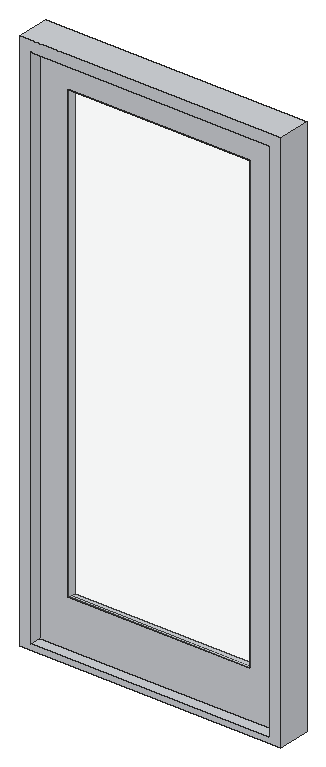
Revit family "ECCHO External Door", category Doors, host Wall, Revit 2018
Family settings
  Host = Wall
  OmniClass Number = 23.30.10.00
  OmniClass Title = Doors
  Always vertical = Yes
  Cut with Voids When Loaded = No
  Shared = No
  Room Calculation Point = No
Parameters
  Rail Width Top [instance] = 110 mm
  Swing Outward Right [instance] = if(or(not(Swing Outward), not(Door Opening Symbol Right Hung)), 1 = 2, 1 = 1)  # no
  Swing Outward Left [instance] = if(or(not(Swing Outward), not(Door Opening Symbol Left Hung)), 1 = 2, 1 = 1)  # no
  Swing Outward [instance] = no
  Swing Inward Right [instance] = if(or(not(Swing Inward), not(Door Opening Symbol Right Hung)), 1 = 2, 1 = 1)  # no
  Swing Inward Left [instance] = if(or(not(Swing Inward), not(Door Opening Symbol Left Hung)), 1 = 2, 1 = 1)  # yes
  Swing Inward [instance] = not(Swing Outward)  # yes
  Stile Width Right [instance] = 110 mm
  Solid Door Leaf [instance] = no
  Not Solid Door Leaf [instance] = not(Solid Door Leaf)  # yes
  Stile Width Left [instance] = 110 mm
  Glass Setback [instance] = 120 mm
  ECCHO Winter Sun Admitted [instance] = 80
  ECCHO Summer Sun Admitted [instance] = 90
  ECCHO Shade Height [instance] = 1000 mm
  ECCHO Shade Depth [instance] = 1000 mm
  ECCHO Glazing Type [instance] = ""
  ECCHO Frame Type [instance] = ""
  ECCHO Family Object Version = "1.0 - February 2024"
  ECCHO Description [instance] = ""
  Door Opening Symbol Right Hung [instance] = no
  Rail Width Top Constraint [instance] = if(Rail Width Top < 1 mm, 5 mm, Rail Width Top)  # 110 mm
  Frame Width Top Constraint [instance] = if(Frame Width Top < 1 mm, 10 mm, Frame Width Top)  # 40 mm
  Door Leaf Symbol Extent Right [instance] = Width - (Frame Width Left Constraint + Frame Width Right Constraint)  # 920 mm
  Door Leaf Symbol Extent Left [instance] = Width - (Frame Width Left Constraint + Frame Width Right Constraint)  # 920 mm
  Door Leaf Setback [instance] = 100 mm
  Door Opening Symbol Left Hung [instance] = yes
  Door Leaf Material [instance] = none
  Door Leaf Thickness [instance] = 30 mm
  Stile Width Right Constraint [instance] = if(Stile Width Right < 1 mm, 5 mm, Stile Width Right)  # 110 mm
  Frame Width Right Constraint [instance] = if(Frame Width Right < 1 mm, 10 mm, Frame Width Right)  # 40 mm
  Stile Width Left Constraint [instance] = if(Stile Width Left < 1 mm, 5 mm, Stile Width Left)  # 110 mm
  Frame Width Left Constraint [instance] = if(Frame Width Left < 1 mm, 10 mm, Frame Width Left)  # 40 mm
  Height [instance] = 2100 mm
  Glass Thickness [instance] = 14.974 mm
  Glass Setback Constraint [instance] = if(Glass Setback < Door Leaf Setback, Door Leaf Setback, if(Glass Setback > Door Leaf Setback + Door Leaf Thickness, Door Leaf Setback + Door Leaf Thickness - Glass Thickness, Glass Setback))  # 120 mm
  Glass Material [instance] = Glass
  Frame Setback [instance] = 50 mm
  Frame Material [instance] = none
  Frame Depth [instance] = 125 mm
  Frame Width Top [instance] = 40 mm
  Frame Width Right [instance] = 40 mm
  Frame Width Left [instance] = 40 mm
  Frame Width Bottom [instance] = 20 mm
  Default Sill Height = 0 mm
  Wall Closure = By host
  Width [instance] = 1000 mm
  Rail Width Bottom Constraint [instance] = if(Rail Width Bottom < 1 mm, 5 mm, Rail Width Bottom)  # 180 mm
  Rail Width Bottom [instance] = 180 mm
  Frame Width Bottom Constraint [instance] = if(Frame Width Bottom < 1 mm, 10 mm, Frame Width Bottom)  # 20 mm
  Shading Guides and Labels Visible [instance] = yes
  Analytic Construction = "<None>"
Reference planes
  plane 1 "Center (Front/Back)": y = 0
  plane 2 "Center (Left/Right)": x = 0
  plane 3 "Left": x = -500
  plane 4 "Right": x = 500
  plane 5 "Sill": z = 0
  plane 6 "Head": z = 2100
  plane 7 "Exterior": y = 100
  plane 8 "Interior": y = -100
  plane 9 "Left Frame Overall": x = -350
  plane 10 "Right Frame Overall": x = 350
  plane 11 "Top Frame Overall": z = 1950
  plane 12 "Bottom Frame Overall": z = 200
  plane 13 "Frame Setback": y = 50
  plane 14 "Frame Depth": y = -75
  plane 15 "Glass Setback": y = -20
  plane 16 "Left Stile": x = -460
  plane 17 "Right Stile": x = 460
  plane 18 "Top Sash": z = 2060
  plane 19 "Bottom Sash": z = 20
  plane 20 "Door Leaf Setback": y = 0
  plane 21 "Door Leaf Depth": y = -30
  plane 22 "Glass Thickness": y = -34.974
  plane 23 "Right Frame to Wall Opening": x = 500
  plane 24 "Left Frame to Wall Opening": x = -500
  plane 25 "Top Frame to Wall Opening": z = 2100
  plane 26 "Bottom Frame to Wall Opening": z = 0
  plane 27 "Distance to Overhang": y = 980
  plane 28 "Height of Overhang": z = 2950
  plane 29 "Center (Top/Bottom)": z = 1050
  plane 30 "Door Leaf Symbol Extent Left - Exterior": y = 920
  plane 31 "Door Leaf Symbol Left": x = -430
  plane 32 "Door Leaf Symbol Right": x = 430
  plane 33 "Door Leaf Symbol Extent Right - Exterior": y = 920
  plane 34 "Door Leaf Symbol Extent Left - Interior": y = -950
  plane 35 "Door Leaf Symbol Extent Right - Interior": y = -950
Forms (mm)
  Extrusion 1, solid, material <- "Frame Material", visible <- "Not Solid Door Leaf"
    sketch origin (0, 0, 0) x (1, 0, 0) y (0, 1, 0)
      loop
        line (-350, 0) -> (-460, 0) -> (-460, -30) -> (-350, -30) -> (-350, 0)
    from 20 to 2060
  Extrusion 2, solid, material <- "Frame Material", visible <- "Not Solid Door Leaf"
    sketch origin (260, 0, 0) x (1, 0, 0) y (0, 1, 0)
      loop
        line (200, 0) -> (90, 0) -> (90, -30) -> (200, -30) -> (200, 0)
    from 20 to 2060
  Extrusion 3, solid, material <- "Frame Material", visible <- "Not Solid Door Leaf"
    sketch origin (-500, 0, 0) x (0, -1, 0) y (0, 0, 1)
      loop
        line (0, 2060) -> (0, 1950) -> (30, 1950) -> (30, 2060) -> (0, 2060)
    from -960 to -40
  Extrusion 4, solid, material <- "Frame Material", visible <- "Not Solid Door Leaf"
    sketch origin (-500, 0, -1160) x (0, -1, 0) y (0, 0, 1)
      loop
        line (0, 1360) -> (0, 1180) -> (30, 1180) -> (30, 1360) -> (0, 1360)
    from -960 to -40
  Extrusion 5, solid, material "Glass" <- "Glass Material", visible <- "Not Solid Door Leaf"
    sketch origin (0, 100, 0) x (1, 0, 0) y (0, 0, 1)
      loop
        line (350, 1950) -> (-350, 1950) -> (-350, 200) -> (350, 200) -> (350, 1950)
    from 120 to 134.974
  Extrusion 6, solid, material <- "Frame Material"
    sketch origin (0, 0, 0) x (1, 0, 0) y (0, 1, 0)
      loop
        line (-500, 50) -> (-500, -75) -> (-460, -75) -> (-460, 50) -> (-500, 50)
    from 0 to 2100
  Extrusion 7, solid, material <- "Frame Material"
    sketch origin (240, 0, 0) x (1, 0, 0) y (0, 1, 0)
      loop
        line (220, 50) -> (220, -75) -> (260, -75) -> (260, 50) -> (220, 50)
    from 0 to 2100
  Extrusion 8, solid, material <- "Frame Material"
    sketch origin (-500, 0, 0) x (0, -1, 0) y (0, 0, 1)
      loop
        line (-50, 2100) -> (-50, 2060) -> (75, 2060) -> (75, 2100) -> (-50, 2100)
    from -1000 to 0
  Extrusion 9, solid, material <- "Frame Material"
    sketch origin (-500, 0, 0) x (0, -1, 0) y (0, 0, 1)
      loop
        line (-50, 20) -> (-50, 0) -> (75, 0) -> (75, 20) -> (-50, 20)
    from -1000 to 0
  Extrusion 10, solid, material <- "Door Leaf Material", visible <- "Solid Door Leaf"
    sketch origin (0, 100, 0) x (1, 0, 0) y (0, 0, 1)
      loop
        line (460, 2060) -> (-460, 2060) -> (-460, 20) -> (460, 20) -> (460, 2060)
    from 100 to 130
Cuts and joins
  joined: Extrusion 6, Extrusion 7, Extrusion 8, Extrusion 9
  joined: Extrusion 1, Extrusion 2, Extrusion 3, Extrusion 4
Lines and regions (mm)
  Opening 1
    outline origin (3500, -100, 0) x (1, 0, 0) y (0, 0, 1)
      loop
        line (-3000, 0) -> (-3000, 2100) -> (-4000, 2100) -> (-4000, 0) -> (-3000, 0)
  Masking region 1, visible <- "Swing Outward Left"
    outline origin (0, 0, 0) x (1, 0, 0) y (0, 1, 0)
      loop
        line (-460, 920) -> (-460, 0) -> (-430, 0) -> (-430, 920) -> (-460, 920)
  Masking region 2, visible <- "Swing Outward Right"
    outline origin (885, 0, 0) x (1, 0, 0) y (0, 1, 0)
      loop
        line (-455, 920) -> (-455, 0) -> (-425, 0) -> (-425, 920) -> (-455, 920)
  Masking region 3, visible <- "Swing Inward Left"
    outline origin (0, -960, 0) x (1, 0, 0) y (0, 1, 0)
      loop
        line (-460, 930) -> (-460, 10) -> (-430, 10) -> (-430, 930) -> (-460, 930)
  Masking region 4, visible <- "Swing Inward Right"
    outline origin (885, -960, 0) x (1, 0, 0) y (0, 1, 0)
      loop
        line (-455, 930) -> (-455, 10) -> (-425, 10) -> (-425, 930) -> (-455, 930)
  symbolic lines, visible <- "Shading Guides and Labels Visible"
    curve 1: line (-500, 1080, 2950) -> (-500, -20, 2950)
    curve 2: line (-500, 980, 2850) -> (-500, 980, 3450)
    curve 3: line (-500, 980, 0) -> (500, 980, 0)
    curve 4: line (500, 100, 2950) -> (-500, 100, 2950)
  symbolic lines, visible <- "Door Opening Symbol Right Hung"
    curve 5: line (460, 100, 2060) -> (-460, 100, 1050)
    curve 6: line (460, 100, 20) -> (-460, 100, 1050)
  symbolic lines, visible <- "Door Opening Symbol Left Hung"
    curve 7: line (-460, 100, 2060) -> (460, 100, 1050)
    curve 8: line (-460, 100, 20) -> (460, 100, 1050)
  symbolic lines, style "DoorsPanelProjection", visible <- "Swing Outward Left"
    curve 9: arc (460, 0, 0) -> (201.23, 640.157, 0) -> (-430, 920, 0) r 920
  symbolic lines, style "DoorsPanelProjection", visible <- "Swing Outward Right"
    curve 10: arc (430, 920, 0) -> (-201.23, 640.157, 0) -> (-460, 0, 0) r 920
  symbolic lines, style "DoorsPanelProjection", visible <- "Swing Inward Left"
    curve 11: arc (-430, -950, 0) -> (201.23, -670.157, 0) -> (460, -30, 0) r 920
  symbolic lines, style "DoorsPanelProjection", visible <- "Swing Inward Right"
    curve 12: arc (-460, -30, 0) -> (-201.23, -670.157, 0) -> (430, -950, 0) r 920
Text (mm)
  text "EXTERIOR" at (-1963.203, 1332.353, 0), in view "Ref. Level"
  text "INTERIOR" at (-1981.466, -818.386, 0), in view "Ref. Level"
  text "Exterior" at (0, 923.751, 2943.296), in view "Right"
  text "Exterior" at (0, 1040.484, 2685.409), in view "Left"
Dimensions and locks
  equal spacing: plane 3 "Left", plane 2 "Center (Left/Right)", plane 4 "Right"
  "Width": plane 3 "Left" to plane 4 "Right"
  "Height": plane 5 "Sill" to plane 6 "Head"
  "Default Sill Height": plane 5 "Sill" to level
  locked: plane 7 "Exterior" to host wall at 0
  locked: plane 8 "Interior" to host wall
  "Frame Width Left Constraint": plane 24 "Left Frame to Wall Opening" to plane 16 "Left Stile"
  "Frame Width Right Constraint": plane 17 "Right Stile" to plane 23 "Right Frame to Wall Opening"
  "Frame Width Bottom Constraint": plane 26 "Bottom Frame to Wall Opening" to plane 19 "Bottom Sash"
  "Glass Setback Constraint": plane 15 "Glass Setback" to plane 7 "Exterior"
  "Frame Setback": plane 13 "Frame Setback" to plane 7 "Exterior"
  "Frame Depth": plane 13 "Frame Setback" to plane 14 "Frame Depth"
  "Rail Width Bottom Constraint": plane 19 "Bottom Sash" to plane 12 "Bottom Frame Overall"
  "Rail Width Top Constraint": plane 11 "Top Frame Overall" to plane 18 "Top Sash"
  "Stile Width Right Constraint": plane 10 "Right Frame Overall" to plane 17 "Right Stile"
  "Stile Width Left Constraint": plane 16 "Left Stile" to plane 9 "Left Frame Overall"
  "Door Leaf Setback": plane 20 "Door Leaf Setback" to plane 7 "Exterior"
  "Door Leaf Thickness": plane 20 "Door Leaf Setback" to plane 21 "Door Leaf Depth"
  "Glass Thickness": plane 15 "Glass Setback" to plane 22 "Glass Thickness"
  "Frame Width Top Constraint": plane 18 "Top Sash" to plane 25 "Top Frame to Wall Opening"
  "ECCHO Shade Depth": plane 27 "Distance to Overhang" to plane 15 "Glass Setback"
  "ECCHO Shade Height": plane 11 "Top Frame Overall" to plane 28 "Height of Overhang"
  curve 1 to plane 27 "Distance to Overhang" to nested 3 = 100 mm locked, 150 mm locked
  equal spacing: plane 5 "Sill", plane 29 "Center (Top/Bottom)", plane 6 "Head"
  locked: curve 2 to plane 28 "Height of Overhang" at 500
  locked: plane 28 "Height of Overhang" to curve 2 at 100
  locked: nested 1 to plane 28 "Height of Overhang" at 150
  "Door Leaf Thickness": plane 16 "Left Stile" to plane 31 "Door Leaf Symbol Left"
  "Door Leaf Thickness": plane 32 "Door Leaf Symbol Right" to plane 17 "Right Stile"
  "Door Leaf Symbol Extent Left": plane 30 "Door Leaf Symbol Extent Left - Exterior" to plane 20 "Door Leaf Setback"
  "Door Leaf Symbol Extent Right": plane 33 "Door Leaf Symbol Extent Right - Exterior" to plane 20 "Door Leaf Setback"
  "Door Leaf Symbol Extent Left": plane 21 "Door Leaf Depth" to plane 34 "Door Leaf Symbol Extent Left - Interior"
  "Door Leaf Symbol Extent Right": plane 21 "Door Leaf Depth" to plane 35 "Door Leaf Symbol Extent Right - Interior"
  "Door Leaf Symbol Extent Left": radius of curve 9
  "Door Leaf Symbol Extent Right": radius of curve 10
  "Door Leaf Symbol Extent Left": radius of curve 11
  "Door Leaf Symbol Extent Right": radius of curve 12
  aligned and locked: Extrusion 1 sketch curve to plane 9 "Left Frame Overall"
  aligned and locked: plane 16 "Left Stile" to Extrusion 1 sketch curve
  aligned and locked: plane 20 "Door Leaf Setback" to Extrusion 1 sketch curve
  aligned and locked: Extrusion 1 sketch curve to plane 21 "Door Leaf Depth"
  aligned and locked: plane 19 "Bottom Sash" to Extrusion 1
  aligned and locked: Extrusion 1 to plane 18 "Top Sash"
  aligned and locked: Extrusion 2 to plane 18 "Top Sash"
  aligned and locked: plane 19 "Bottom Sash" to Extrusion 2
  aligned and locked: Extrusion 2 sketch curve to plane 17 "Right Stile"
  aligned and locked: plane 10 "Right Frame Overall" to Extrusion 2 sketch curve
  aligned and locked: Extrusion 2 sketch curve to plane 21 "Door Leaf Depth"
  aligned and locked: plane 20 "Door Leaf Setback" to Extrusion 2 sketch curve
  aligned and locked: Extrusion 3 sketch curve to plane 11 "Top Frame Overall"
  aligned and locked: plane 18 "Top Sash" to Extrusion 3 sketch curve
  aligned and locked: plane 21 "Door Leaf Depth" to Extrusion 3 sketch curve
  aligned and locked: Extrusion 3 sketch curve to plane 20 "Door Leaf Setback"
  aligned and locked: Extrusion 3 to plane 17 "Right Stile"
  aligned and locked: plane 16 "Left Stile" to Extrusion 3
  aligned and locked: plane 16 "Left Stile" to Extrusion 4
  aligned and locked: Extrusion 4 to plane 17 "Right Stile"
  aligned and locked: Extrusion 4 sketch curve to plane 20 "Door Leaf Setback"
  aligned and locked: plane 21 "Door Leaf Depth" to Extrusion 4 sketch curve
  aligned and locked: plane 12 "Bottom Frame Overall" to Extrusion 4 sketch curve
  aligned and locked: Extrusion 4 sketch curve to plane 19 "Bottom Sash"
  aligned and locked: plane 11 "Top Frame Overall" to Extrusion 5 sketch curve
  aligned and locked: plane 10 "Right Frame Overall" to Extrusion 5 sketch curve
  aligned and locked: Extrusion 5 sketch curve to plane 12 "Bottom Frame Overall"
  aligned and locked: Extrusion 5 sketch curve to plane 9 "Left Frame Overall"
  aligned and locked: plane 15 "Glass Setback" to Extrusion 5
  aligned and locked: Extrusion 5 to plane 22 "Glass Thickness"
  aligned and locked: Extrusion 9 sketch curve to plane 13 "Frame Setback"
  aligned and locked: plane 14 "Frame Depth" to Extrusion 9 sketch curve
  aligned and locked: Extrusion 9 sketch curve to plane 5 "Sill"
  aligned and locked: plane 19 "Bottom Sash" to Extrusion 9 sketch curve
  aligned and locked: cut or joined group of Extrusion 6, Extrusion 7, Extrusion 8, Extrusion 9 to plane 4 "Right"  (x2)
  aligned and locked: plane 3 "Left" to cut or joined group of Extrusion 6, Extrusion 7, Extrusion 8, Extrusion 9  (x2)
  aligned and locked: Extrusion 8 sketch curve to plane 13 "Frame Setback"
  aligned and locked: plane 14 "Frame Depth" to Extrusion 8 sketch curve
  aligned and locked: Extrusion 8 sketch curve to plane 18 "Top Sash"
  aligned and locked: plane 4 "Right" to Extrusion 7 sketch curve
  aligned and locked: plane 14 "Frame Depth" to Extrusion 7 sketch curve
  aligned and locked: Extrusion 7 sketch curve to plane 13 "Frame Setback"
  aligned and locked: Extrusion 7 sketch curve to plane 17 "Right Stile"
  aligned and locked: cut or joined group of Extrusion 6, Extrusion 7, Extrusion 8, Extrusion 9 to plane 6 "Head"  (x2)
  aligned and locked: plane 5 "Sill" to cut or joined group of Extrusion 6, Extrusion 7, Extrusion 8, Extrusion 9  (x2)
  aligned and locked: Extrusion 6 sketch curve to plane 3 "Left"
  aligned and locked: plane 14 "Frame Depth" to Extrusion 6 sketch curve
  aligned and locked: Extrusion 6 sketch curve to plane 13 "Frame Setback"
  aligned and locked: plane 16 "Left Stile" to Extrusion 6 sketch curve
  aligned and locked: plane 4 "Right" to cut or joined group of Extrusion 6, Extrusion 7, Extrusion 8, Extrusion 9
  aligned and locked: plane 4 "Right" to plane 23 "Right Frame to Wall Opening"
  aligned and locked: plane 3 "Left" to plane 24 "Left Frame to Wall Opening"
  aligned and locked: plane 25 "Top Frame to Wall Opening" to plane 6 "Head"
  aligned and locked: plane 26 "Bottom Frame to Wall Opening" to plane 5 "Sill"
  aligned and locked: curve 1 to plane 28 "Height of Overhang"
  aligned and locked: plane 15 "Glass Setback" to curve 1
  aligned and locked: curve 2 to plane 27 "Distance to Overhang"
  aligned and locked: curve 3 to plane 3 "Left"
  aligned and locked: curve 3 to plane 4 "Right"
  aligned and locked: curve 3 to plane 27 "Distance to Overhang"
  aligned and locked: plane 4 "Right" to curve 4
  aligned and locked: plane 3 "Left" to curve 4
  aligned and locked: curve 4 to plane 28 "Height of Overhang"
  aligned and locked: plane 28 "Height of Overhang" to nested 2
  aligned and locked: nested 2 to plane 2 "Center (Left/Right)"
  aligned and locked: nested 1 to plane 27 "Distance to Overhang"
  aligned and locked: nested 3 to plane 28 "Height of Overhang"
  aligned and locked: plane 17 "Right Stile" to curve 6
  aligned and locked: plane 19 "Bottom Sash" to curve 6
  aligned and locked: plane 16 "Left Stile" to curve 8
  aligned and locked: plane 19 "Bottom Sash" to curve 8
  aligned and locked: plane 17 "Right Stile" to curve 5
  aligned and locked: plane 18 "Top Sash" to curve 5
  aligned and locked: plane 16 "Left Stile" to curve 7
  aligned and locked: plane 18 "Top Sash" to curve 7
  aligned and locked: plane 29 "Center (Top/Bottom)" to curve 5
  aligned and locked: plane 16 "Left Stile" to curve 5
  aligned and locked: plane 29 "Center (Top/Bottom)" to curve 7
  aligned and locked: plane 17 "Right Stile" to curve 7
  aligned and locked: plane 19 "Bottom Sash" to Extrusion 10
  aligned and locked: Extrusion 10 to plane 17 "Right Stile"
  aligned and locked: plane 16 "Left Stile" to Extrusion 10
  aligned and locked: Extrusion 10 to plane 18 "Top Sash"
  aligned and locked: Extrusion 10 to plane 21 "Door Leaf Depth"
  aligned and locked: plane 20 "Door Leaf Setback" to Extrusion 10
  aligned and locked: plane 30 "Door Leaf Symbol Extent Left - Exterior" to curve 9
  aligned and locked: plane 31 "Door Leaf Symbol Left" to curve 9
  aligned and locked: plane 17 "Right Stile" to curve 9
  aligned and locked: plane 20 "Door Leaf Setback" to curve 9
  aligned and locked: plane 20 "Door Leaf Setback" to curve 10
  aligned and locked: plane 16 "Left Stile" to curve 10
  aligned and locked: plane 32 "Door Leaf Symbol Right" to curve 10
  aligned and locked: plane 31 "Door Leaf Symbol Left" to curve 11
  aligned and locked: plane 17 "Right Stile" to curve 11
  aligned and locked: plane 21 "Door Leaf Depth" to curve 11
  aligned and locked: plane 16 "Left Stile" to curve 12
  aligned and locked: Masking region 1 sketch curve to plane 31 "Door Leaf Symbol Left"
  aligned and locked: Masking region 1 sketch curve to plane 16 "Left Stile"
  aligned and locked: Masking region 1 sketch curve to plane 30 "Door Leaf Symbol Extent Left - Exterior"
  aligned and locked: plane 20 "Door Leaf Setback" to Masking region 1 sketch curve
  aligned and locked: Masking region 2 sketch curve to plane 17 "Right Stile"
  aligned and locked: Masking region 2 sketch curve to plane 32 "Door Leaf Symbol Right"
  aligned and locked: Masking region 2 sketch curve to plane 33 "Door Leaf Symbol Extent Right - Exterior"
  aligned and locked: plane 20 "Door Leaf Setback" to Masking region 2 sketch curve
  aligned and locked: plane 17 "Right Stile" to Masking region 4 sketch curve
  aligned and locked: Masking region 4 sketch curve to plane 32 "Door Leaf Symbol Right"
  aligned and locked: Masking region 4 sketch curve to plane 21 "Door Leaf Depth"
  aligned and locked: Masking region 3 sketch curve to plane 16 "Left Stile"
  aligned and locked: Masking region 3 sketch curve to plane 31 "Door Leaf Symbol Left"
  aligned and locked: Masking region 3 sketch curve to plane 21 "Door Leaf Depth"
  aligned and locked: plane 25 "Top Frame to Wall Opening" to Extrusion 8 sketch curve
  aligned and locked: plane 2 "Center (Left/Right)" to nested 4
  aligned and locked: nested 4 to plane 27 "Distance to Overhang"
  aligned and locked: plane 34 "Door Leaf Symbol Extent Left - Interior" to Masking region 3 sketch curve
  aligned and locked: plane 35 "Door Leaf Symbol Extent Right - Interior" to Masking region 4 sketch curve
Automatic sketch dimensions
  Opening 1 sketch curve to level = 0 mm
  plane 3 "Left" to Opening 1 sketch curve = 0 mm
  plane 4 "Right" to Opening 1 sketch curve = 0 mm
  Opening 1 sketch curve to plane 6 "Head" = 0 mm
  plane 16 "Left Stile" to Extrusion 10 sketch curve = 0 mm
  plane 17 "Right Stile" to Extrusion 10 sketch curve = 0 mm
  Extrusion 10 sketch curve to plane 19 "Bottom Sash" = 0 mm
  Extrusion 10 sketch curve to plane 18 "Top Sash" = 0 mm
  curve 12 to plane 32 "Door Leaf Symbol Right" = 0 mm
  curve 11 to plane 34 "Door Leaf Symbol Extent Left - Interior" = 0 mm
  plane 34 "Door Leaf Symbol Extent Left - Interior" to curve 12 = 0 mm
  curve 12 to plane 21 "Door Leaf Depth" = 0 mm
  plane 30 "Door Leaf Symbol Extent Left - Exterior" to curve 10 = 0 mm
Nested families
  nested 1: "Shading Depth Text - Elevation" at (-500, 980, 3100) x (0, 0, 1) z (-1, 0, 0), visible <- "Shading Guides and Labels Visible", type "Shading Depth Text - Elevation"
  nested 2: "Shading Depth Text - Elevation" at (0, 100, 2950) x (-1, 0, 0) z (0, -1, 0), visible <- "Shading Guides and Labels Visible", type "Shading Depth Text - Elevation"
  nested 3: "Shading Height Text - Elevation" at (-500, 830, 2950) x (0, -1, 0) z (-1, 0, 0), visible <- "Shading Guides and Labels Visible", type "Shading Height Text - Elevation"
  nested 4: "Shading Depth Text" at (0, 980, 0), visible <- "Shading Guides and Labels Visible", type "Shading Depth Text"
Definition of nested family "Shading Depth Text - Elevation"
  Reference planes
    plane 1 "Center (Front/Back)": y = 0
    plane 2: z = 0
    plane 3 "Center (Left/Right)": x = 0
  Lines and regions (mm)
    Filled region 1, type "Solid Fill - Blue", in view "Ref. Level"
      outline origin (239.716, 44.706, 0) x (1, 0, 0) y (0, 1, 0)
        loop
          line (-188.129, -25.472) -> (-174.751, -25.472)
          spline (-174.751, -25.472) -> (-175.33, -18.793) -> (-178.232, -15.972) -> (-182.297, -15.286) -> (-185.875, -16.235) -> (-188.923, -19.053) -> (-190.829, -22.908) -> (-191.378, -26.678) -> (-190.398, -30.629) -> (-187.637, -33.408) -> (-183.785, -34.191) -> (-179.629, -32.861) -> (-175.591, -27.915)
          line (-175.591, -27.915) -> (-178.628, -27.65)
          spline (-178.628, -27.65) -> (-179.383, -29.083) -> (-180.181, -30.112) -> (-181.08, -30.842) -> (-182.086, -31.328) -> (-183.191, -31.613) -> (-184.325, -31.69) -> (-185.385, -31.524) -> (-186.294, -31.082) -> (-187.053, -30.342) -> (-187.68, -29.283) -> (-188.105, -27.762) -> (-188.129, -25.472)
        loop
          spline (-177.445, -23.161) -> (-177.526, -21.224) -> (-177.805, -19.993) -> (-178.317, -19.083) -> (-179.061, -18.396) -> (-179.944, -17.928) -> (-180.872, -17.685) -> (-181.802, -17.626) -> (-182.746, -17.748) -> (-183.806, -18.125) -> (-185.057, -18.884) -> (-186.406, -20.407) -> (-187.699, -23.161)
          line (-187.699, -23.161) -> (-177.445, -23.161)
    Filled region 2, type "Solid Fill - Blue", in view "Ref. Level"
      outline origin (259.716, 44.706, 0) x (1, 0, 0) y (0, 1, 0)
        loop
          line (-186.079, -15.595) -> (-188.899, -15.595) -> (-194.179, -40.709) -> (-191.095, -40.709) -> (-189.029, -30.835)
          spline (-189.029, -30.835) -> (-186.157, -33.697) -> (-183.066, -34.086) -> (-180.326, -33.063) -> (-178.018, -31.037) -> (-176.385, -28.487) -> (-175.434, -25.79) -> (-175.094, -22.717) -> (-175.444, -19.552) -> (-176.752, -17.073) -> (-178.919, -15.577) -> (-182.006, -15.209) -> (-186.603, -18.088)
          line (-186.603, -18.088) -> (-186.079, -15.595)
        loop
          arc (-181.651, -17.648) -> (-182.769, -17.659) -> (-183.822, -18.032) r 3.395
          spline (-183.822, -18.032) -> (-186.848, -21.445) -> (-187.875, -24.479) -> (-188.127, -27.365) -> (-187.399, -29.907) -> (-185.536, -31.372) -> (-183.096, -31.527) -> (-181.055, -30.388) -> (-179.713, -28.508) -> (-178.633, -25.964) -> (-178.108, -22.819) -> (-178.745, -19.61) -> (-181.651, -17.648)
    Filled region 3, type "Solid Fill - Blue", in view "Ref. Level"
      outline origin (278.596, 44.706, 0) x (1, 0, 0) y (0, 1, 0)
        loop
          line (-187.49, -11.115) -> (-188.417, -15.578) -> (-190.846, -15.578) -> (-191.339, -17.95) -> (-188.905, -17.95) -> (-191.269, -29.32)
          spline (-191.269, -29.32) -> (-191.545, -31) -> (-191.522, -31.884) -> (-191.317, -32.429) -> (-191.002, -32.879) -> (-190.6, -33.252) -> (-190.13, -33.553) -> (-189.606, -33.78) -> (-189.039, -33.934) -> (-188.413, -34.021) -> (-187.702, -34.05) -> (-186.83, -33.989) -> (-185.65, -33.743)
          line (-185.65, -33.743) -> (-185.127, -31.231)
          spline (-185.127, -31.231) -> (-185.795, -31.368) -> (-186.333, -31.419) -> (-186.787, -31.438) -> (-187.178, -31.429) -> (-187.519, -31.384) -> (-187.807, -31.28) -> (-188.036, -31.1) -> (-188.195, -30.866) -> (-188.282, -30.578) -> (-188.297, -30.19) -> (-188.212, -29.521) -> (-187.974, -28.294)
          line (-187.974, -28.294) -> (-185.827, -17.96) -> (-182.751, -17.96) -> (-182.244, -15.575) -> (-185.32, -15.575) -> (-183.915, -8.967) -> (-187.49, -11.115)
    Filled region 4, type "Solid Fill - Blue", in view "Ref. Level"
      outline origin (293.596, 44.706, 0) x (1, 0, 0) y (0, 1, 0)
        loop
          line (-192.188, -8.657) -> (-197.438, -33.736) -> (-194.336, -33.736) -> (-192.574, -25.259)
          spline (-192.574, -25.259) -> (-191.858, -22.757) -> (-191.218, -21.145) -> (-190.464, -20.009) -> (-189.61, -19.173) -> (-188.723, -18.55) -> (-187.845, -18.132) -> (-186.921, -17.878) -> (-185.801, -17.712) -> (-184.625, -17.802) -> (-183.654, -18.34) -> (-183.153, -19.436) -> (-183.45, -22.038)
          line (-183.45, -22.038) -> (-185.899, -33.736) -> (-182.801, -33.736) -> (-180.19, -21.173)
          spline (-180.19, -21.173) -> (-180.056, -18.717) -> (-180.53, -17.448) -> (-181.076, -16.658) -> (-181.646, -16.096) -> (-182.352, -15.691) -> (-183.177, -15.409) -> (-184.069, -15.236) -> (-185.026, -15.185) -> (-186.084, -15.289) -> (-187.319, -15.646) -> (-188.923, -16.544) -> (-191.108, -18.3)
          line (-191.108, -18.3) -> (-189.104, -8.657) -> (-192.188, -8.657)
    Filled region 5, type "Solid Fill - Blue", in view "Ref. Level"
      outline origin (216.273, 44.506, 0) x (1, 0, 0) y (0, 1, 0)
        loop
          line (-187.914, -8.456) -> (-193.1, -33.534) -> (-183.794, -33.534)
          spline (-183.794, -33.534) -> (-178.564, -32.741) -> (-175.387, -31.033) -> (-173.338, -29.055) -> (-171.855, -26.909) -> (-170.738, -24.562) -> (-170.018, -21.949) -> (-169.712, -19.253) -> (-169.848, -16.664) -> (-170.507, -14.108) -> (-171.911, -11.608) -> (-174.525, -9.449) -> (-179.406, -8.456)
          line (-179.406, -8.456) -> (-187.914, -8.456)
        loop
          line (-189.178, -30.718) -> (-185.025, -30.718)
          spline (-185.025, -30.718) -> (-179.894, -30.078) -> (-177.995, -29.168) -> (-176.431, -27.775) -> (-174.97, -25.766) -> (-173.967, -23.623) -> (-173.38, -21.508) -> (-173.154, -19.53) -> (-173.216, -17.383) -> (-173.648, -14.933) -> (-174.776, -13.121) -> (-176.404, -11.889) -> (-180.138, -11.305)
          line (-180.138, -11.305) -> (-185.138, -11.305) -> (-189.178, -30.718)
    Filled region 6, type "Solid Fill - Blue", in view "Ref. Level"
      outline origin (-226.375, -4.661, 0) x (-1, 0, 0) y (0, -1, 0)
        loop
          line (-186.079, -15.595) -> (-188.899, -15.595) -> (-194.179, -40.709) -> (-191.095, -40.709) -> (-189.029, -30.835)
          spline (-189.029, -30.835) -> (-186.157, -33.697) -> (-183.066, -34.086) -> (-180.326, -33.063) -> (-178.018, -31.037) -> (-176.385, -28.487) -> (-175.434, -25.79) -> (-175.094, -22.717) -> (-175.444, -19.552) -> (-176.752, -17.073) -> (-178.919, -15.577) -> (-182.006, -15.209) -> (-186.603, -18.088)
          line (-186.603, -18.088) -> (-186.079, -15.595)
        loop
          arc (-181.651, -17.648) -> (-182.769, -17.659) -> (-183.822, -18.032) r 3.395
          spline (-183.822, -18.032) -> (-186.848, -21.445) -> (-187.875, -24.479) -> (-188.127, -27.365) -> (-187.399, -29.907) -> (-185.536, -31.372) -> (-183.096, -31.527) -> (-181.055, -30.388) -> (-179.713, -28.508) -> (-178.633, -25.964) -> (-178.108, -22.819) -> (-178.745, -19.61) -> (-181.651, -17.648)
    Filled region 7, type "Solid Fill - Blue", in view "Ref. Level"
      outline origin (171.644, 44.706, 0) x (1, 0, 0) y (0, 1, 0)
        loop
          line (-193.316, -15.539) -> (-197.126, -33.736) -> (-194.024, -33.736) -> (-192.262, -25.259)
          spline (-192.262, -25.259) -> (-191.545, -22.757) -> (-190.906, -21.145) -> (-190.152, -20.009) -> (-189.297, -19.173) -> (-188.41, -18.55) -> (-187.533, -18.132) -> (-186.608, -17.878) -> (-185.489, -17.712) -> (-184.313, -17.802) -> (-183.342, -18.34) -> (-182.84, -19.436) -> (-183.137, -22.038)
          line (-183.137, -22.038) -> (-185.586, -33.736) -> (-182.488, -33.736) -> (-179.908, -21.321)
          spline (-179.908, -21.321) -> (-179.771, -18.796) -> (-180.258, -17.492) -> (-180.819, -16.68) -> (-181.405, -16.102) -> (-182.131, -15.685) -> (-182.979, -15.396) -> (-183.896, -15.218) -> (-184.88, -15.166) -> (-185.968, -15.272) -> (-187.237, -15.639) -> (-188.886, -16.562) -> (-191.132, -18.368)
          line (-191.132, -18.368) -> (-190.544, -15.539) -> (-193.316, -15.539)
    Filled region 8, type "Solid Fill - Blue", in view "Ref. Level"
      outline origin (106.984, 44.706, 0) x (1, 0, 0) y (0, 1, 0)
        loop
          line (-192.188, -8.657) -> (-197.438, -33.736) -> (-194.336, -33.736) -> (-192.574, -25.259)
          spline (-192.574, -25.259) -> (-191.858, -22.757) -> (-191.218, -21.145) -> (-190.464, -20.009) -> (-189.61, -19.173) -> (-188.723, -18.55) -> (-187.845, -18.132) -> (-186.921, -17.878) -> (-185.801, -17.712) -> (-184.625, -17.802) -> (-183.654, -18.34) -> (-183.153, -19.436) -> (-183.45, -22.038)
          line (-183.45, -22.038) -> (-185.899, -33.736) -> (-182.801, -33.736) -> (-180.19, -21.173)
          spline (-180.19, -21.173) -> (-180.056, -18.717) -> (-180.53, -17.448) -> (-181.076, -16.658) -> (-181.646, -16.096) -> (-182.352, -15.691) -> (-183.177, -15.409) -> (-184.069, -15.236) -> (-185.026, -15.185) -> (-186.084, -15.289) -> (-187.319, -15.646) -> (-188.923, -16.544) -> (-191.108, -18.3)
          line (-191.108, -18.3) -> (-189.104, -8.657) -> (-192.188, -8.657)
    Filled region 9, type "Solid Fill - Blue", in view "Ref. Level"
      outline origin (82.959, 44.706, 0) x (1, 0, 0) y (0, 1, 0)
        loop
          spline (-195.17, -25.623) -> (-192.776, -32.073) -> (-188.089, -33.959) -> (-182.968, -33.923) -> (-178.229, -31.897) -> (-175.958, -28.111) -> (-176.871, -23.403) -> (-180.696, -20.578) -> (-186.432, -17.926) -> (-188.798, -14.768) -> (-186.294, -11.47) -> (-180.901, -11.31) -> (-177.346, -16.024)
          line (-177.346, -16.024) -> (-174.17, -15.766)
          spline (-174.17, -15.766) -> (-177.518, -9.555) -> (-182.126, -8.275) -> (-187.128, -8.727) -> (-191.139, -11.773) -> (-191.885, -16.401) -> (-189.251, -19.925) -> (-184.018, -22.627) -> (-179.768, -25.25) -> (-179.926, -29.203) -> (-184.365, -31.341) -> (-189.698, -30.407) -> (-191.899, -25.337)
          line (-191.899, -25.337) -> (-195.17, -25.623)
    Filled region 10, type "Solid Fill - Blue", in view "Ref. Level"
      outline origin (164.271, 44.706, 0) x (1, 0, 0) y (0, 1, 0)
        loop
          line (-193.316, -15.539) -> (-197.126, -33.736) -> (-194.024, -33.736) -> (-190.242, -15.539) -> (-193.316, -15.539)
        loop
          line (-191.866, -8.614) -> (-192.603, -12.131) -> (-189.501, -12.131) -> (-188.77, -8.614) -> (-191.866, -8.614)
    Filled region 11, type "Solid Fill - Blue", in view "Ref. Level"
      outline origin (-242.371, -4.661, 0) x (-1, 0, 0) y (0, -1, 0)
        loop
          spline (-186.983, -15.595) -> (-186.575, -18.614) -> (-187.052, -21.654) -> (-187.64, -24.363) -> (-188.198, -26.95) -> (-188.473, -29.433) -> (-187.921, -31.546) -> (-186.242, -33.128) -> (-183.842, -34.019) -> (-181.18, -34.198) -> (-178.616, -33.818) -> (-176.096, -32.585) -> (-173.321, -28.628)
          line (-173.321, -28.628) -> (-176.493, -28.351)
          spline (-176.493, -28.351) -> (-177.462, -30.13) -> (-178.315, -30.841) -> (-179.096, -31.219) -> (-179.876, -31.502) -> (-180.739, -31.664) -> (-181.726, -31.686) -> (-182.744, -31.576) -> (-183.677, -31.344) -> (-184.446, -30.978) -> (-185.026, -30.43) -> (-185.382, -29.604) -> (-185.354, -28.086)
          line (-185.354, -28.086) -> (-185.065, -27.007)
          spline (-185.065, -27.007) -> (-181.7, -26.436) -> (-179.19, -26.319) -> (-177.155, -26.115) -> (-175.397, -25.673) -> (-173.733, -24.833) -> (-172.409, -23.519) -> (-171.717, -21.852) -> (-171.546, -20.15) -> (-171.897, -18.509) -> (-172.833, -16.929) -> (-174.804, -15.584) -> (-178.407, -15.278)
          arc (-178.407, -15.278) -> (-181.116, -16.2) -> (-183.451, -17.855) r 9.96
          arc (-183.451, -17.855) -> (-183.545, -16.716) -> (-183.771, -15.595) r 9.814
          line (-183.771, -15.595) -> (-186.983, -15.595)
        loop
          spline (-184.6, -24.83) -> (-181.183, -24.197) -> (-178.973, -23.942) -> (-176.913, -23.548) -> (-175.346, -22.622) -> (-174.657, -21.126) -> (-174.879, -19.298) -> (-176.098, -18.073) -> (-177.944, -17.579) -> (-179.956, -17.901) -> (-181.797, -18.877) -> (-183.264, -20.581) -> (-184.342, -23.502)
          line (-184.342, -23.502) -> (-184.6, -24.83)
    Filled region 12, type "Solid Fill - Blue", in view "Ref. Level"
      outline origin (190.884, 44.346, 0) x (1, 0, 0) y (0, 1, 0)
        loop
          line (-182.488, -33.736) -> (-178.634, -15.192) -> (-181.453, -15.192) -> (-182.088, -18.18)
          spline (-182.088, -18.18) -> (-185.591, -15.129) -> (-188.486, -14.893) -> (-191.23, -15.849) -> (-193.534, -17.667) -> (-195.248, -20.019) -> (-196.303, -22.717) -> (-196.595, -25.729) -> (-196.356, -28.472) -> (-195.399, -30.744) -> (-193.547, -32.489) -> (-190.281, -33.372) -> (-184.981, -30.844)
          line (-184.981, -30.844) -> (-185.586, -33.736)
          spline (-185.586, -33.736) -> (-186.185, -35.372) -> (-186.72, -36.454) -> (-187.298, -37.153) -> (-187.968, -37.601) -> (-188.692, -37.866) -> (-189.428, -38.01) -> (-190.188, -38.073) -> (-191.033, -38.071) -> (-192.022, -38.022) -> (-193.086, -37.794) -> (-193.943, -37.017) -> (-194.295, -35.303)
          line (-194.295, -35.303) -> (-197.43, -35.029)
          spline (-197.43, -35.029) -> (-197.076, -37.852) -> (-195.856, -39.351) -> (-194.391, -40.098) -> (-192.852, -40.437) -> (-191.29, -40.618) -> (-189.745, -40.633) -> (-188.249, -40.359) -> (-186.854, -39.81) -> (-185.63, -39.127) -> (-184.554, -38.165) -> (-183.518, -36.494) -> (-182.488, -33.736)
        loop
          spline (-186.958, -17.325) -> (-191.086, -19.026) -> (-192.956, -22.08) -> (-193.416, -24.547) -> (-193.455, -27.131) -> (-192.588, -29.305) -> (-190.983, -30.683) -> (-188.672, -30.743) -> (-186.379, -29.615) -> (-184.65, -27.605) -> (-183.525, -24.827) -> (-183.295, -21.36) -> (-184.907, -18.145)
          arc (-184.907, -18.145) -> (-185.873, -17.586) -> (-186.958, -17.325) r 3.894
Definition of nested family "Shading Height Text - Elevation"
  Reference planes
    plane 1 "Center (Front/Back)": y = 0
    plane 2: z = 0
    plane 3 "Center (Left/Right)": x = 0
  Lines and regions (mm)
    Filled region 1, type "Solid Fill - Blue", in view "Ref. Level"
      outline origin (240.028, 4.706, 0) x (1, 0, 0) y (0, 1, 0)
        loop
          line (-188.129, -25.472) -> (-174.751, -25.472)
          spline (-174.751, -25.472) -> (-175.33, -18.793) -> (-178.232, -15.972) -> (-182.297, -15.286) -> (-185.875, -16.235) -> (-188.923, -19.053) -> (-190.829, -22.908) -> (-191.378, -26.678) -> (-190.398, -30.629) -> (-187.637, -33.408) -> (-183.785, -34.191) -> (-179.629, -32.861) -> (-175.591, -27.915)
          line (-175.591, -27.915) -> (-178.628, -27.65)
          spline (-178.628, -27.65) -> (-179.383, -29.083) -> (-180.181, -30.112) -> (-181.08, -30.842) -> (-182.086, -31.328) -> (-183.191, -31.613) -> (-184.325, -31.69) -> (-185.385, -31.524) -> (-186.294, -31.082) -> (-187.053, -30.342) -> (-187.68, -29.283) -> (-188.105, -27.762) -> (-188.129, -25.472)
        loop
          spline (-177.445, -23.161) -> (-177.526, -21.224) -> (-177.805, -19.993) -> (-178.317, -19.083) -> (-179.061, -18.396) -> (-179.944, -17.928) -> (-180.872, -17.685) -> (-181.802, -17.626) -> (-182.746, -17.748) -> (-183.806, -18.125) -> (-185.057, -18.884) -> (-186.406, -20.407) -> (-187.699, -23.161)
          line (-187.699, -23.161) -> (-177.445, -23.161)
    Filled region 2, type "Solid Fill - Blue", in view "Ref. Level"
      outline origin (305.471, 4.706, 0) x (1, 0, 0) y (0, 1, 0)
        loop
          line (-187.49, -11.115) -> (-188.417, -15.578) -> (-190.846, -15.578) -> (-191.339, -17.95) -> (-188.905, -17.95) -> (-191.269, -29.32)
          spline (-191.269, -29.32) -> (-191.545, -31) -> (-191.522, -31.884) -> (-191.317, -32.429) -> (-191.002, -32.879) -> (-190.6, -33.252) -> (-190.13, -33.553) -> (-189.606, -33.78) -> (-189.039, -33.934) -> (-188.413, -34.021) -> (-187.702, -34.05) -> (-186.83, -33.989) -> (-185.65, -33.743)
          line (-185.65, -33.743) -> (-185.127, -31.231)
          spline (-185.127, -31.231) -> (-185.795, -31.368) -> (-186.333, -31.419) -> (-186.787, -31.438) -> (-187.178, -31.429) -> (-187.519, -31.384) -> (-187.807, -31.28) -> (-188.036, -31.1) -> (-188.195, -30.866) -> (-188.282, -30.578) -> (-188.297, -30.19) -> (-188.212, -29.521) -> (-187.974, -28.294)
          line (-187.974, -28.294) -> (-185.827, -17.96) -> (-182.751, -17.96) -> (-182.244, -15.575) -> (-185.32, -15.575) -> (-183.915, -8.967) -> (-187.49, -11.115)
    Filled region 3, type "Solid Fill - Blue", in view "Ref. Level"
      outline origin (291.253, 4.706, 0) x (1, 0, 0) y (0, 1, 0)
        loop
          line (-192.188, -8.657) -> (-197.438, -33.736) -> (-194.336, -33.736) -> (-192.574, -25.259)
          spline (-192.574, -25.259) -> (-191.858, -22.757) -> (-191.218, -21.145) -> (-190.464, -20.009) -> (-189.61, -19.173) -> (-188.723, -18.55) -> (-187.845, -18.132) -> (-186.921, -17.878) -> (-185.801, -17.712) -> (-184.625, -17.802) -> (-183.654, -18.34) -> (-183.153, -19.436) -> (-183.45, -22.038)
          line (-183.45, -22.038) -> (-185.899, -33.736) -> (-182.801, -33.736) -> (-180.19, -21.173)
          spline (-180.19, -21.173) -> (-180.056, -18.717) -> (-180.53, -17.448) -> (-181.076, -16.658) -> (-181.646, -16.096) -> (-182.352, -15.691) -> (-183.177, -15.409) -> (-184.069, -15.236) -> (-185.026, -15.185) -> (-186.084, -15.289) -> (-187.319, -15.646) -> (-188.923, -16.544) -> (-191.108, -18.3)
          line (-191.108, -18.3) -> (-189.104, -8.657) -> (-192.188, -8.657)
    Filled region 4, type "Solid Fill - Blue", in view "Ref. Level"
      outline origin (216.273, 4.506, 0) x (1, 0, 0) y (0, 1, 0)
        loop
          line (-187.758, -8.456) -> (-192.944, -33.534) -> (-189.607, -33.534) -> (-187.208, -22.002) -> (-173.945, -22.002) -> (-176.33, -33.534) -> (-172.993, -33.534) -> (-167.775, -8.456) -> (-171.144, -8.456) -> (-173.363, -19.189) -> (-186.622, -19.189) -> (-184.389, -8.456) -> (-187.758, -8.456)
    Filled region 5, type "Solid Fill - Blue", in view "Ref. Level"
      outline origin (-226.375, -44.661, 0) x (-1, 0, 0) y (0, -1, 0)
        loop
          line (-186.079, -15.595) -> (-188.899, -15.595) -> (-194.179, -40.709) -> (-191.095, -40.709) -> (-189.029, -30.835)
          spline (-189.029, -30.835) -> (-186.157, -33.697) -> (-183.066, -34.086) -> (-180.326, -33.063) -> (-178.018, -31.037) -> (-176.385, -28.487) -> (-175.434, -25.79) -> (-175.094, -22.717) -> (-175.444, -19.552) -> (-176.752, -17.073) -> (-178.919, -15.577) -> (-182.006, -15.209) -> (-186.603, -18.088)
          line (-186.603, -18.088) -> (-186.079, -15.595)
        loop
          arc (-181.651, -17.648) -> (-182.769, -17.659) -> (-183.822, -18.032) r 3.395
          spline (-183.822, -18.032) -> (-186.848, -21.445) -> (-187.875, -24.479) -> (-188.127, -27.365) -> (-187.399, -29.907) -> (-185.536, -31.372) -> (-183.096, -31.527) -> (-181.055, -30.388) -> (-179.713, -28.508) -> (-178.633, -25.964) -> (-178.108, -22.819) -> (-178.745, -19.61) -> (-181.651, -17.648)
    Filled region 6, type "Solid Fill - Blue", in view "Ref. Level"
      outline origin (171.644, 4.706, 0) x (1, 0, 0) y (0, 1, 0)
        loop
          line (-193.316, -15.539) -> (-197.126, -33.736) -> (-194.024, -33.736) -> (-192.262, -25.259)
          spline (-192.262, -25.259) -> (-191.545, -22.757) -> (-190.906, -21.145) -> (-190.152, -20.009) -> (-189.297, -19.173) -> (-188.41, -18.55) -> (-187.533, -18.132) -> (-186.608, -17.878) -> (-185.489, -17.712) -> (-184.313, -17.802) -> (-183.342, -18.34) -> (-182.84, -19.436) -> (-183.137, -22.038)
          line (-183.137, -22.038) -> (-185.586, -33.736) -> (-182.488, -33.736) -> (-179.908, -21.321)
          spline (-179.908, -21.321) -> (-179.771, -18.796) -> (-180.258, -17.492) -> (-180.819, -16.68) -> (-181.405, -16.102) -> (-182.131, -15.685) -> (-182.979, -15.396) -> (-183.896, -15.218) -> (-184.88, -15.166) -> (-185.968, -15.272) -> (-187.237, -15.639) -> (-188.886, -16.562) -> (-191.132, -18.368)
          line (-191.132, -18.368) -> (-190.544, -15.539) -> (-193.316, -15.539)
    Filled region 7, type "Solid Fill - Blue", in view "Ref. Level"
      outline origin (106.984, 4.706, 0) x (1, 0, 0) y (0, 1, 0)
        loop
          line (-192.188, -8.657) -> (-197.438, -33.736) -> (-194.336, -33.736) -> (-192.574, -25.259)
          spline (-192.574, -25.259) -> (-191.858, -22.757) -> (-191.218, -21.145) -> (-190.464, -20.009) -> (-189.61, -19.173) -> (-188.723, -18.55) -> (-187.845, -18.132) -> (-186.921, -17.878) -> (-185.801, -17.712) -> (-184.625, -17.802) -> (-183.654, -18.34) -> (-183.153, -19.436) -> (-183.45, -22.038)
          line (-183.45, -22.038) -> (-185.899, -33.736) -> (-182.801, -33.736) -> (-180.19, -21.173)
          spline (-180.19, -21.173) -> (-180.056, -18.717) -> (-180.53, -17.448) -> (-181.076, -16.658) -> (-181.646, -16.096) -> (-182.352, -15.691) -> (-183.177, -15.409) -> (-184.069, -15.236) -> (-185.026, -15.185) -> (-186.084, -15.289) -> (-187.319, -15.646) -> (-188.923, -16.544) -> (-191.108, -18.3)
          line (-191.108, -18.3) -> (-189.104, -8.657) -> (-192.188, -8.657)
    Filled region 8, type "Solid Fill - Blue", in view "Ref. Level"
      outline origin (82.959, 4.706, 0) x (1, 0, 0) y (0, 1, 0)
        loop
          spline (-195.17, -25.623) -> (-192.776, -32.073) -> (-188.089, -33.959) -> (-182.968, -33.923) -> (-178.229, -31.897) -> (-175.958, -28.111) -> (-176.871, -23.403) -> (-180.696, -20.578) -> (-186.432, -17.926) -> (-188.798, -14.768) -> (-186.294, -11.47) -> (-180.901, -11.31) -> (-177.346, -16.024)
          line (-177.346, -16.024) -> (-174.17, -15.766)
          spline (-174.17, -15.766) -> (-177.518, -9.555) -> (-182.126, -8.275) -> (-187.128, -8.727) -> (-191.139, -11.773) -> (-191.885, -16.401) -> (-189.251, -19.925) -> (-184.018, -22.627) -> (-179.768, -25.25) -> (-179.926, -29.203) -> (-184.365, -31.341) -> (-189.698, -30.407) -> (-191.899, -25.337)
          line (-191.899, -25.337) -> (-195.17, -25.623)
    Filled region 9, type "Solid Fill - Blue", in view "Ref. Level"
      outline origin (164.271, 4.706, 0) x (1, 0, 0) y (0, 1, 0)
        loop
          line (-193.316, -15.539) -> (-197.126, -33.736) -> (-194.024, -33.736) -> (-190.242, -15.539) -> (-193.316, -15.539)
        loop
          line (-191.866, -8.614) -> (-192.603, -12.131) -> (-189.501, -12.131) -> (-188.77, -8.614) -> (-191.866, -8.614)
    Filled region 10, type "Solid Fill - Blue", in view "Ref. Level"
      outline origin (-242.371, -44.661, 0) x (-1, 0, 0) y (0, -1, 0)
        loop
          spline (-186.983, -15.595) -> (-186.575, -18.614) -> (-187.052, -21.654) -> (-187.64, -24.363) -> (-188.198, -26.95) -> (-188.473, -29.433) -> (-187.921, -31.546) -> (-186.242, -33.128) -> (-183.842, -34.019) -> (-181.18, -34.198) -> (-178.616, -33.818) -> (-176.096, -32.585) -> (-173.321, -28.628)
          line (-173.321, -28.628) -> (-176.493, -28.351)
          spline (-176.493, -28.351) -> (-177.462, -30.13) -> (-178.315, -30.841) -> (-179.096, -31.219) -> (-179.876, -31.502) -> (-180.739, -31.664) -> (-181.726, -31.686) -> (-182.744, -31.576) -> (-183.677, -31.344) -> (-184.446, -30.978) -> (-185.026, -30.43) -> (-185.382, -29.604) -> (-185.354, -28.086)
          line (-185.354, -28.086) -> (-185.065, -27.007)
          spline (-185.065, -27.007) -> (-181.7, -26.436) -> (-179.19, -26.319) -> (-177.155, -26.115) -> (-175.397, -25.673) -> (-173.733, -24.833) -> (-172.409, -23.519) -> (-171.717, -21.852) -> (-171.546, -20.15) -> (-171.897, -18.509) -> (-172.833, -16.929) -> (-174.804, -15.584) -> (-178.407, -15.278)
          arc (-178.407, -15.278) -> (-181.116, -16.2) -> (-183.451, -17.855) r 9.96
          arc (-183.451, -17.855) -> (-183.545, -16.716) -> (-183.771, -15.595) r 9.814
          line (-183.771, -15.595) -> (-186.983, -15.595)
        loop
          spline (-184.6, -24.83) -> (-181.183, -24.197) -> (-178.973, -23.942) -> (-176.913, -23.548) -> (-175.346, -22.622) -> (-174.657, -21.126) -> (-174.879, -19.298) -> (-176.098, -18.073) -> (-177.944, -17.579) -> (-179.956, -17.901) -> (-181.797, -18.877) -> (-183.264, -20.581) -> (-184.342, -23.502)
          line (-184.342, -23.502) -> (-184.6, -24.83)
    Filled region 11, type "Solid Fill - Blue", in view "Ref. Level"
      outline origin (190.884, 4.346, 0) x (1, 0, 0) y (0, 1, 0)
        loop
          line (-182.488, -33.736) -> (-178.634, -15.192) -> (-181.453, -15.192) -> (-182.088, -18.18)
          spline (-182.088, -18.18) -> (-185.591, -15.129) -> (-188.486, -14.893) -> (-191.23, -15.849) -> (-193.534, -17.667) -> (-195.248, -20.019) -> (-196.303, -22.717) -> (-196.595, -25.729) -> (-196.356, -28.472) -> (-195.399, -30.744) -> (-193.547, -32.489) -> (-190.281, -33.372) -> (-184.981, -30.844)
          line (-184.981, -30.844) -> (-185.586, -33.736)
          spline (-185.586, -33.736) -> (-186.185, -35.372) -> (-186.72, -36.454) -> (-187.298, -37.153) -> (-187.968, -37.601) -> (-188.692, -37.866) -> (-189.428, -38.01) -> (-190.188, -38.073) -> (-191.033, -38.071) -> (-192.022, -38.022) -> (-193.086, -37.794) -> (-193.943, -37.017) -> (-194.295, -35.303)
          line (-194.295, -35.303) -> (-197.43, -35.029)
          spline (-197.43, -35.029) -> (-197.076, -37.852) -> (-195.856, -39.351) -> (-194.391, -40.098) -> (-192.852, -40.437) -> (-191.29, -40.618) -> (-189.745, -40.633) -> (-188.249, -40.359) -> (-186.854, -39.81) -> (-185.63, -39.127) -> (-184.554, -38.165) -> (-183.518, -36.494) -> (-182.488, -33.736)
        loop
          spline (-186.958, -17.325) -> (-191.086, -19.026) -> (-192.956, -22.08) -> (-193.416, -24.547) -> (-193.455, -27.131) -> (-192.588, -29.305) -> (-190.983, -30.683) -> (-188.672, -30.743) -> (-186.379, -29.615) -> (-184.65, -27.605) -> (-183.525, -24.827) -> (-183.295, -21.36) -> (-184.907, -18.145)
          arc (-184.907, -18.145) -> (-185.873, -17.586) -> (-186.958, -17.325) r 3.894
    Filled region 12, type "Solid Fill - Blue", in view "Ref. Level"
      outline origin (264.488, 4.706, 0) x (1, 0, 0) y (0, 1, 0)
        loop
          line (-193.316, -15.539) -> (-197.126, -33.736) -> (-194.024, -33.736) -> (-190.242, -15.539) -> (-193.316, -15.539)
        loop
          line (-191.866, -8.614) -> (-192.603, -12.131) -> (-189.501, -12.131) -> (-188.77, -8.614) -> (-191.866, -8.614)
    Filled region 13, type "Solid Fill - Blue", in view "Ref. Level"
      outline origin (271.937, 4.346, 0) x (1, 0, 0) y (0, 1, 0)
        loop
          line (-182.488, -33.736) -> (-178.634, -15.192) -> (-181.453, -15.192) -> (-182.088, -18.18)
          spline (-182.088, -18.18) -> (-185.591, -15.129) -> (-188.486, -14.893) -> (-191.23, -15.849) -> (-193.534, -17.667) -> (-195.248, -20.019) -> (-196.303, -22.717) -> (-196.595, -25.729) -> (-196.356, -28.472) -> (-195.399, -30.744) -> (-193.547, -32.489) -> (-190.281, -33.372) -> (-184.981, -30.844)
          line (-184.981, -30.844) -> (-185.586, -33.736)
          spline (-185.586, -33.736) -> (-186.185, -35.372) -> (-186.72, -36.454) -> (-187.298, -37.153) -> (-187.968, -37.601) -> (-188.692, -37.866) -> (-189.428, -38.01) -> (-190.188, -38.073) -> (-191.033, -38.071) -> (-192.022, -38.022) -> (-193.086, -37.794) -> (-193.943, -37.017) -> (-194.295, -35.303)
          line (-194.295, -35.303) -> (-197.43, -35.029)
          spline (-197.43, -35.029) -> (-197.076, -37.852) -> (-195.856, -39.351) -> (-194.391, -40.098) -> (-192.852, -40.437) -> (-191.29, -40.618) -> (-189.745, -40.633) -> (-188.249, -40.359) -> (-186.854, -39.81) -> (-185.63, -39.127) -> (-184.554, -38.165) -> (-183.518, -36.494) -> (-182.488, -33.736)
        loop
          spline (-186.958, -17.325) -> (-191.086, -19.026) -> (-192.956, -22.08) -> (-193.416, -24.547) -> (-193.455, -27.131) -> (-192.588, -29.305) -> (-190.983, -30.683) -> (-188.672, -30.743) -> (-186.379, -29.615) -> (-184.65, -27.605) -> (-183.525, -24.827) -> (-183.295, -21.36) -> (-184.907, -18.145)
          arc (-184.907, -18.145) -> (-185.873, -17.586) -> (-186.958, -17.325) r 3.894
Definition of nested family "Shading Depth Text"
  Reference planes
    plane 1: y = 0
    plane 2: x = 0
  Text (mm)
    text "Shading Depth" at (0.078, 0.757, 0)
